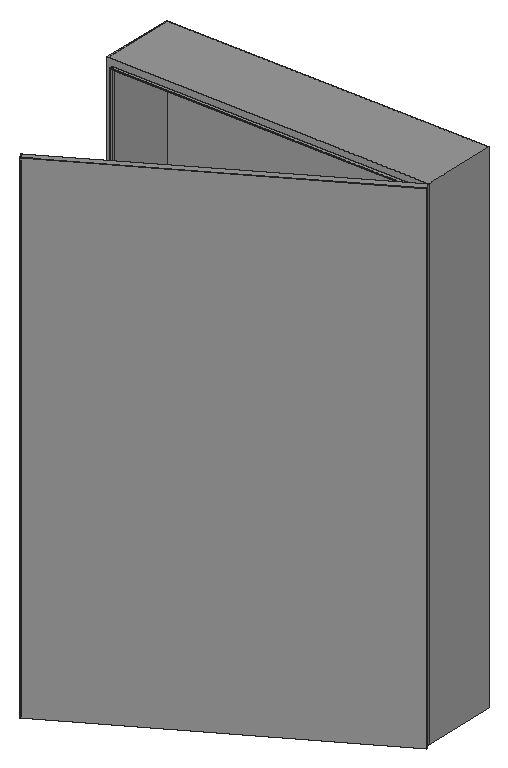
Revit family "Hager-Univers-IP44-D205-H1250-Cl.II-Encl-NoHosted-PL-en", category Equipement électrique, Revit 2020
Family settings
  Configuration du panneau = Deux colonnes, circuits au sein
  Cote de connecteur circulaire = Utiliser le diamètre
  Type d'élément = Tableau de raccordement
  Basée sur le plan de construction = Oui
  Toujours verticalement = Oui
  Couper avec des vides une fois chargée = Non
  Partagée = Non
  Point de calcul de pièce = Non
Parameters (values of type "Surface mounted (plaster) IP44 W800 H1250 D205  - FP83SN2")
  Width Control [instance] = if([EF000008 - Width] > Min Width, [EF000008 - Width], Min Width)  # 800 mm
  Commentaires du type = [HG000003 - Range]  # "Univers"
  Thickness Door [instance] = if([EF009171 - Material plate thickness door/cover] > 3 mm, 3 mm, [EF009171 - Material plate thickness door/cover])  # 1 mm
  Seal Frame Offset [instance] = 17 mm  # constant formula
  Plinth Visibility [instance] = [HG000027 - Plinth height] > 0 mm  # no
  Min Width [instance] = 100 mm  # constant formula
  Min Depth [instance] = (2 * [EF009170 - Material plate thickness cabinet]) + 1 mm  # 3 mm
  Min Height [instance] = 100 mm  # constant formula
  Internal Frame Depth [instance] = (Door System Depth * 0.5)  # 9 mm
  Panel Name [instance] = ""  # (empty or 0)
  Model = ""
  HG000027 - Plinth height = 0 mm
  HG000026 - Floor standing = no
  HG000024 - Bottom section height = 600 mm
  HG000023 - Double section enclosure = no
  HG000016 - Door 3d visibility [instance] = yes
  HG000015 - Clearance visibility [instance] = no
  HG000014 - Door on the right [instance] = yes
  HG000013 - Door on the left [instance] = not([HG000014 - Door on the right])  # no
  HG000012 - Door swing angle [instance] = 30.00°
  HG000010 - Asymmetric doors = no
  HG000009 - Double swing door = no
  HG000006 - Flush mounted = no
  HG000004 - Manufacturer reference = "FP83SN2"
  HG000003 - Range = "Univers"
  HG000002 - With door or cover = yes
  Frame Offset Bottom [instance] = 10 mm  # constant formula
  Frame Offset [instance] = 15 mm  # constant formula
  EF015940 - Cover with overpressure release = no
  EF011959 - Degree of protection (NEMA) = ""
  EF009554 - Number of openings for flange plates = 6
  EF009212 - Cover model = "EV000116 - Closed"
  EF009171 - Material plate thickness door/cover = 1 mm
  EF009170 - Material plate thickness cabinet = 1 mm
  EF008873 - Nominal current (In) = 250 A
  EF007800 - Suitable for lightning protection = no
  EF006306 - With lock = no
  EF006244 - Transparent cover/door = no
  EF005474 - Degree of protection (IP) = "EV006418 - IP44"
  EF004464 - Type of door = "EV002646 - Single"
  EF004427 - Number of modules = 288
  EF004293 - Impact strength = "EV006815 - IK09"
  EF003532 - Suitable for outdoor use = no
  EF002950 - Width in number of modular spacings = 36
  EF001613 - Circuit integrity = "EV000494 - None"
  EF001596 - Material housing = "EV000179 - Steel"
  EF001131 - Internal depth = 130 mm
  EF001088 - Extension possible = yes
  EF000437 - Number of conduit inlets = 6
  EF000339 - Type of cover = "EV004216 - Door"
  EF000266 - Number of rows = 8
  EF000218 - Built-in depth = 205 mm
  EF000118 - With mounting plate = no
  EF000116 - RAL-number = "9010"
  EF000049 - Depth = 205 mm
  EF000040 - Height = 1250 mm
  EF000008 - Width = 800 mm
  EF000007 - Colour = "EV000202 - White"
  EF000003 - Mounting method = "EV000384 - Surface mounted (plaster)"
  Door System Leaf Tolerance [instance] = 1.5 mm  # constant formula
  Door System Depth [instance] = 18 mm  # constant formula
  Door Height [instance] = Height Control - [HG000027 - Plinth height]  # 1250 mm
  Description = ""
  Default Elevation = 1219.2 mm
  Connector Offset [instance] = Height Control / 2  # 625 mm
  Fabricant = "Hager"  # constant formula
  Height Control [instance] = if([EF000040 - Height] > Min Height, [EF000040 - Height], Min Height)  # 1250 mm
  Depth Control [instance] = if([EF000049 - Depth] > Min Depth, [EF000049 - Depth], Min Depth)  # 205 mm
  Bottom Top Plate Trim [instance] = 1.5 mm  # constant formula
  Plinth height Ctrl [instance] = if([HG000027 - Plinth height] > 0 mm, [HG000027 - Plinth height], 12 mm)  # 12 mm
Types (5, lengths in mm): name | Width Control | HG000010 - Asymmetric doors | HG000009 - Double swing door | HG000004 - Manufacturer reference | EF009554 - Number of openings for flange plates | EF004464 - Type of door | EF004427 - Number of modules | EF002950 - Width in number of modular spacings | EF001131 - Internal depth | EF000437 - Number of conduit inlets | EF000339 - Type of cover | EF000008 - Width
  Surface mounted (plaster) IP44 W1050 H1250 D205  - FP84SN2 | 1050 | no | yes | "FP84SN2" | 8 | "EV003602 - Double" | 384 | 48 | 130 | 8 | "EV004216 - Door" | 1050
  Surface mounted (plaster) IP44 W1300 H1250 D205  - FP85SN2 | 1300 | yes | yes | "FP85SN2" | 10 | "EV003602 - Double" | 480 | 60 | 130 | 10 | "EV004216 - Door" | 1300
  Surface mounted (plaster) IP44 W300 H1250 D205  - FP81SN2 | 300 | no | no | "FP81SN2" | 2 | "EV002646 - Single" | 96 | 12 | 143 | 2 | "EV001012 - Cover" | 300
  Surface mounted (plaster) IP44 W550 H1250 D205  - FP82SN2 | 550 | no | no | "FP82SN2" | 4 | "EV002646 - Single" | 192 | 24 | 143 | 4 | "EV001012 - Cover" | 550
  Surface mounted (plaster) IP44 W800 H1250 D205  - FP83SN2 | 800 | no | no | "FP83SN2" | 6 | "EV002646 - Single" | 288 | 36 | 130 | 6 | "EV004216 - Door" | 800
Reference planes
  plane 1 "Center (Front/Back)": y = 0
  plane 2: z = 0
  plane 3 "Center (Left/Right)": x = 0
  plane 4: y = 0
  plane 5: y = 0
  plane 6: z = 0
  plane 7: x = -400
  plane 8: x = 400
  plane 9: x = 399
  plane 10: x = -399
  plane 11: z = 0
  plane 12: z = 1
  plane 13: y = -205
  plane 14: y = -1
  plane 15: x = 0
  plane 16: y = -187
  plane 17: y = -204
  plane 18: y = -186
  plane 19: x = -384
  plane 20: x = 384
  plane 21: z = 11
  plane 22: x = -383
  plane 23: x = 383
  plane 24: z = 0
  plane 25: z = 1250
  plane 26: z = 1250
  plane 27: z = 1234
  plane 28: z = 1249
Forms (mm)
  Extrusion 1, solid, material "Hager_Steel_RAL7035_Light_Grey", detail levels medium+fine
    sketch origin (-208.679, -4572, 0) x (-1, 0, 0) y (0, -1, 0)
      loop
        line (191.321, -4385) -> (-608.679, -4385) -> (-608.679, -4572) -> (191.321, -4572) -> (191.321, -4385)
    from 0 to 1250
  Extrusion 2, void
    sketch origin (-350.771, -205, 1219.2) x (1, 0, 0) y (0, 0, 1)
      loop
        line (-48.229, 29.8) -> (-48.229, -1218.2) -> (749.771, -1218.2) -> (749.771, 29.8) -> (-48.229, 29.8)
    from -19 to -204
  Extrusion 3, void
    sketch origin (-290.084, -187, 1219.2) x (1, 0, 0) y (0, 0, 1)
      loop
        line (-93.916, -1208.2) -> (674.084, -1208.2) -> (674.084, 14.8) -> (-93.916, 14.8) -> (-93.916, -1208.2)
    from 0 to -1
  Extrusion 4, solid, material "Hager_Steel_RAL7035_Light_Grey", visible <- "Plinth Visibility", detail levels medium+fine
    sketch origin (0, 0, 0) x (1, 0, 0) y (0, 1, 0)
      loop
        line (-400, 0) -> (-400, -187) -> (400, -187) -> (400, 0) -> (-400, 0)
    from 0 to 12 <- "Plinth height Ctrl"
  Extrusion 5, solid, material "Hager_Steel_RAL7035_Light_Grey", detail levels coarse
    sketch origin (0, 0, 0) x (1, 0, 0) y (0, 1, 0)
      loop
        line (-400, 0) -> (-400, -205) -> (400, -205) -> (400, 0) -> (-400, 0)
    from 0 to 1250 <- "Height Control"
  Sweep 6, void
    path in 3D
      loop
        line (-400, -187, 12) -> (400, -187, 12) -> (400, 0, 12) -> (-400, 0, 12) -> (-400, -187, 12)
    profile origin (-400, -93.5, 12) x (1, 0, 0) y (0, 0, 1)
      loop
        line (0, 0) -> (0, -1.5) -> (1.5, -1.5)
        arc (1.5, -1.5) -> (1.061, -0.439) -> (0, 0) r 1.5
  Extrusion 7, solid, material "Hager_Steel_RAL7035_Light_Grey", detail levels fine
    sketch origin (-400, -187, 0) x (1, 0, 0) y (0, 0, 1)
      loop
        line (16, 11) -> (784, 11) -> (784, 1234) -> (16, 1234) -> (16, 11)
      loop
        line (15, 10) -> (785, 10) -> (785, 1235) -> (15, 1235) -> (15, 10)
    from 0 to 9 <- "Internal Frame Depth"
Cuts and joins
  Extrusion 2, Extrusion 3 cuts Extrusion 1
  Sweep 6 cuts Extrusion 4
Lines and regions (mm)
  Masking region 1
    outline origin (0, 0, 0) x (1, 0, 0) y (0, 1, 0)
      loop
        line (-400, 0) -> (-400, -205) -> (400, -205) -> (400, 0) -> (-400, 0)
  Masking region 2, detail levels coarse
    outline origin (-290.084, -187, 1219.2) x (-1, 0, 0) y (0, 0, 1)
      loop
        line (-690.084, -1219.2) -> (109.916, -1219.2) -> (109.916, 30.8) -> (-690.084, 30.8) -> (-690.084, -1219.2)
  Masking region 3, detail levels coarse
    outline origin (0, 0, 0) x (0, 1, 0) y (0, 0, 1)
      loop
        line (0, 0) -> (0, 1250) -> (-205, 1250) -> (-205, 0) -> (0, 0)
  Masking region 4, visible <- "Plinth Visibility", detail levels medium+fine
    outline origin (0, 0, 0) x (0, 1, 0) y (0, 0, 1)
      loop
        line (-1.5, 12) -> (-185.5, 12)
        arc (-185.5, 12) -> (-185.939, 10.939) -> (-187, 10.5) r 1.5
        line (-187, 10.5) -> (-187, 0) -> (0, 0) -> (0, 10.5)
        arc (0, 10.5) -> (-1.061, 10.939) -> (-1.5, 12) r 1.5
  Masking region 5, detail levels medium+fine
    outline origin (0, 0, 594.038) x (0, 1, 0) y (0, 0, 1)
      loop
        line (0, -594.038) -> (0, 655.962) -> (-187, 655.962) -> (-187, -594.038) -> (0, -594.038)
  Masking region 6, detail levels medium+fine
    outline origin (-359.7, -187, 1211.883) x (-1, 0, 0) y (0, 0, 1)
      loop
        line (-759.7, -1211.883) -> (40.3, -1211.883) -> (40.3, 38.117) -> (-759.7, 38.117) -> (-759.7, -1211.883)
  Masking region 7, visible <- "Plinth Visibility", detail levels medium+fine
    outline origin (-320.334, -187, 1041.368) x (-1, 0, 0) y (0, 0, 1)
      loop
        line (-720.334, -1041.368) -> (79.666, -1041.368) -> (79.666, -1030.868)
        arc (79.666, -1030.868) -> (78.606, -1030.429) -> (78.166, -1029.368) r 1.5
        line (78.166, -1029.368) -> (-718.834, -1029.368)
        arc (-718.834, -1029.368) -> (-719.273, -1030.429) -> (-720.334, -1030.868) r 1.5
        line (-720.334, -1030.868) -> (-720.334, -1041.368)
  sketch lines
    curve 1: line (-400, 0, 12) -> (-400, -187, 12)
    curve 2: line (-400, -187, 12) -> (400, -187, 12)
    curve 3: line (400, 0, 12) -> (-400, 0, 12)
    curve 4: line (400, -187, 12) -> (400, 0, 12)
Dimensions and locks
  locked: plane 1 "Center (Front/Back)" to plane 5
  "EF009170 - Material plate thickness cabinet": plane 7 to plane 10
  "EF009170 - Material plate thickness cabinet": plane 8 to plane 9
  equal spacing: plane 7, plane 3 "Center (Left/Right)", plane 8
  "Width Control": plane 7 to plane 8
  "Depth Control": plane 4 to plane 13
  "EF009170 - Material plate thickness cabinet": plane 4 to plane 14
  "Height Control": plane 25 to level
  "HG000027 - Plinth height": plane 11 to level
  "EF009170 - Material plate thickness cabinet": plane 12 to plane 11
  "EF009170 - Material plate thickness cabinet": plane 17 to plane 13
  "EF009170 - Material plate thickness cabinet": plane 18 to plane 16
  "Frame Offset Bottom": plane 21 to plane 12
  "Frame Offset": plane 10 to plane 19
  "Frame Offset": plane 9 to plane 20
  "Door System Depth": plane 16 to plane 13
  "Seal Frame Offset": plane 7 to plane 22
  "Seal Frame Offset": plane 8 to plane 23
  "EF009170 - Material plate thickness cabinet": plane 26 to plane 28
  "Frame Offset": plane 28 to plane 27
  "Connector Offset": plane 2 to connector elem
  "Bottom Top Plate Trim": profile plane to Sweep 6 sketch curve
  "Bottom Top Plate Trim": Sweep 6 sketch curve to Sweep 6 sketch curve
  "Plinth height Ctrl": Masking region 4 sketch curve to level
  "Plinth height Ctrl": Masking region 7 sketch curve to level
  "Thickness Door": Extrusion 7 sketch curve to Extrusion 7 sketch curve  (x4)
  "Bottom Top Plate Trim": radius of Sweep 6 sketch curve
  "Bottom Top Plate Trim": radius of Masking region 4 sketch curve  (x2)
  "Bottom Top Plate Trim": radius of Masking region 7 sketch curve  (x2)
  aligned and locked: Extrusion 2 sketch curve to plane 12
  aligned and locked: Extrusion 2 sketch curve to plane 9
  aligned and locked: Extrusion 2 sketch curve to plane 10
  aligned and locked: Extrusion 2 to plane 14
  aligned and locked: Extrusion 1 sketch curve to plane 4
  aligned and locked: plane 8 to Extrusion 1 sketch curve
  aligned and locked: plane 7 to Extrusion 1 sketch curve
  aligned and locked: Extrusion 2 to plane 18
  aligned and locked: Extrusion 3 sketch curve to plane 19
  aligned and locked: plane 20 to Extrusion 3 sketch curve
  aligned and locked: Extrusion 3 to Extrusion 2
  aligned and locked: Extrusion 3 sketch curve to plane 21
  aligned and locked: plane 3 "Center (Left/Right)" to nested 1
  aligned and locked: Extrusion 1 sketch curve to plane 16
  aligned and locked: Extrusion 4 sketch curve to cut or joined group of Extrusion 1, Extrusion 2, Extrusion 3
  aligned and locked: Masking region 1 sketch curve to plane 7
  aligned and locked: Masking region 1 sketch curve to plane 5
  aligned and locked: Masking region 1 sketch curve to plane 8
  aligned and locked: Masking region 2 sketch curve to level
  aligned and locked: level to Masking region 3 sketch curve
  aligned and locked: plane 1 "Center (Front/Back)" to Masking region 3 sketch curve
  aligned and locked: plane 13 to Masking region 3 sketch curve
  aligned and locked: plane 5 to Masking region 4 sketch curve
  aligned and locked: Masking region 2 sketch curve to plane 8
  aligned and locked: Masking region 2 sketch curve to plane 7
  aligned and locked: plane 7 to nested 2
  aligned and locked: nested 2 to plane 5
  aligned and locked: plane 5 to Masking region 5 sketch curve
  aligned and locked: plane 26 to Masking region 5 sketch curve
  aligned and locked: Extrusion 5 sketch curve to plane 8
  aligned and locked: Extrusion 5 sketch curve to plane 7
  aligned and locked: Extrusion 5 sketch curve to plane 5
  aligned and locked: Extrusion 3 sketch curve to plane 27
  aligned and locked: Extrusion 2 sketch curve to plane 28
  aligned and locked: Masking region 2 to plane 25
  aligned and locked: Extrusion 4 to plane 16
  aligned and locked: profile plane to Sweep 6 sketch curve
  aligned and locked: Masking region 5 sketch curve to plane 24
  aligned and locked: level to Masking region 4 sketch curve
  aligned and locked: Masking region 1 to plane 13
  aligned and locked: nested 1 to plane 16
  aligned and locked: Masking region 3 to plane 25
  aligned and locked: plane 16 to Masking region 4 sketch curve
  aligned and locked: Masking region 5 sketch curve to plane 16
  aligned and locked: plane 24 to plane 11
  aligned and locked: plane 26 to plane 25
  aligned and locked: plane 26 to cut or joined group of Extrusion 1, Extrusion 2, Extrusion 3
  aligned and locked: nested 1 to plane 24
  aligned and locked: Extrusion 1 to Extrusion 3
  aligned and locked: Masking region 6 sketch curve to plane 8
  aligned and locked: Masking region 6 sketch curve to plane 24
  aligned and locked: Masking region 6 sketch curve to plane 7
  aligned and locked: Masking region 6 sketch curve to plane 26
  aligned and locked: Masking region 7 sketch curve to plane 7
  aligned and locked: level to Masking region 7 sketch curve
  aligned and locked: Masking region 7 sketch curve to plane 8
  aligned and locked: Extrusion 7 sketch curve to cut or joined group of Extrusion 1, Extrusion 2, Extrusion 3  (x4)
Automatic sketch dimensions
  plane 19 to Extrusion 3 sketch curve = 0 mm
  Extrusion 3 sketch curve to plane 20 = 0 mm
  Extrusion 3 sketch curve to plane 21 = 0 mm
  Extrusion 4 sketch curve to plane 7 = 0 mm
  Extrusion 4 sketch curve to plane 8 = 0 mm
  Extrusion 4 sketch curve to plane 16 = 0 mm
  Masking region 1 sketch curve to plane 13 = 0 mm
  Masking region 2 sketch curve to plane 25 = 0 mm
  Masking region 3 sketch curve to plane 25 = 0 mm
  Extrusion 5 sketch curve to plane 13 = 0 mm
  profile plane to Sweep 6 sketch curve = 0 mm
Nested families
  nested 1: "EC000058_Univers_Door" at (0, -187, 0), Double <- "HG000009 - Double swing door", Transparent <- "EF006244 - Transparent cover/door", Angle <- "HG000012 - Door swing angle", Door_Right <- "HG000014 - Door on the right", Assymetrical <- "HG000010 - Asymmetric doors", Door <- "HG000002 - With door or cover", Width_Ctrl <- "Width Control", 3d_Door <- "HG000016 - Door 3d visibility", Clearance <- "HG000015 - Clearance visibility", Door_Left <- "HG000013 - Door on the left", Width <- "Width Control", Door_Depth <- "Door System Depth", Leaf_Tolerance <- "Door System Leaf Tolerance", Height <- "Door Height", Lock_Visibility <- "EF006306 - With lock", Thickness <- "Thickness Door", type "EC000058_Univers_Door", detail levels medium+fine
    with min_wh 3 mm, Width_Ctrl 800 mm, Width 800 mm, Transparent no, Thickness 1 mm, Seal_Material Hager_Rubber, Lock_Visibility no, Lock_Material Hager_Plastic_RAL9005_Jet_Black, Leaf_Width 800 mm, Leaf_Tolerance_External_Sides 0 mm, Leaf_Tolerance 1.5 mm, Leaf_Offset 0 mm, Leaf_Height 1247 mm, Leaf_2_Width 800 mm, Leaf_2_Offset 400 mm, Leaf_1_Width 800 mm, Leaf_1_Offset 400 mm, Height_Ctrl 1250 mm, Height 1250 mm, Glass_Material Hager_Glass, Double_Clearance_Ctrl no, Double no, Door_Right_Ctrl yes, Door_Right yes, Door_Material Hager_Steel_RAL7035_Light_Grey, Door_Left_Ctrl no, Door_Left no, Door_Depth 18 mm, Door yes, Clearance_Material Hager_Clearance, Clearance_Depth 800 mm, Clearance_Ctrl no, Clearance no, Assymetrical no, Angle 30.00°, 3d_Door yes
  nested 2: "Hager_Enclosure_Symbol" at (-400, 0, 0), Height <- "Depth Control", Width <- "Width Control", type "Hager_Enclosure_Symbol"
    with Width_Ctrl 800 mm, Width 800 mm, Height_Ctrl 205 mm, Height 205 mm, A_Width_Int 13.453 mm, A_Width 161.438 mm, A_Height_Ctrl 179.375 mm, A_Height 179.375 mm
Connectors
  electrical at (0, 0, 625)
    settings: on plane 1 "Center (Front/Back)", index 1, voltage 0 V, apparent load 0 VA, apparent load phase1 0 VA, apparent load phase2 0 VA, apparent load phase3 0 VA, power factor 1, load classification "Other", number of poles 1, system type 30, power factor state 1, is connector primary yes, connector utility no, sub classification motor no, connector description ""
Definition of nested family "EC000058_Univers_Door"
  Parameters (values of type "EC000058_Univers_Door")
    min_wh [instance] = (2 * Thickness) + 1 mm  # 11 mm
    Width_Ctrl [instance] = 400 mm
    Width [instance] = 500 mm
    Transparent [instance] = yes
    Thickness [instance] = 5 mm
    Seal_Material [instance] = none
    Lock_Visibility [instance] = yes
    Lock_Material [instance] = none
    Leaf_Width [instance] = if((Width_Ctrl - 2 * Leaf_Tolerance_External_Sides) > 0 mm, (Width_Ctrl - 2 * Leaf_Tolerance_External_Sides), min_wh)  # 400 mm
    Leaf_Tolerance_External_Sides [instance] = 0 mm  # constant formula
    Leaf_Tolerance [instance] = 1.5 mm
    Leaf_Offset [instance] = 0 mm  # constant formula
    Leaf_Height [instance] = if((Height_Ctrl - 2 * Leaf_Tolerance) > 0 mm, (Height_Ctrl - 2 * Leaf_Tolerance), min_wh)  # 497 mm
    Leaf_2_Width [instance] = if(and(and(Double, Assymetrical), Door_Left), (Leaf_Width / 3) - (Leaf_Tolerance / 2), if(and(and(Double, Assymetrical), Door_Right), (Leaf_Width / 3) * 2 - (Leaf_Tolerance / 2), if(and(Double, not(Assymetrical)), (Leaf_Width / 2) - Leaf_Tolerance, Leaf_Width)))  # 400 mm
    Leaf_2_Offset [instance] = if(and(Double, Assymetrical), Leaf_2_Width / 2, if(and(Double, not(Assymetrical)), Leaf_Width / 4, Leaf_Width / 2))  # 200 mm
    Leaf_1_Width [instance] = if(and(and(Double, Assymetrical), Door_Right), (Leaf_Width / 3) - (Leaf_Tolerance / 2), if(and(and(Double, Assymetrical), Door_Left), (Width / 3) * 2 - (Leaf_Tolerance / 2), if(and(Double, not(Assymetrical)), (Leaf_Width / 2) - Leaf_Tolerance, Leaf_Width)))  # 400 mm
    Leaf_1_Offset [instance] = if(and(Double, Assymetrical), Leaf_1_Width / 2, if(and(Double, not(Assymetrical)), Leaf_Width / 4, Leaf_Width / 2))  # 200 mm
    Height_Ctrl [instance] = if(Height > min_wh, Height, min_wh)  # 500 mm
    Height [instance] = 500 mm
    Glass_Material [instance] = none
    Double_Clearance_Ctrl [instance] = and(Double, Clearance)  # no
    Double [instance] = no
    Door_Right_Ctrl [instance] = and(or(Door_Right, Double), Door)  # yes
    Door_Right [instance] = yes
    Door_Material [instance] = none
    Door_Left_Ctrl [instance] = and(or(Door_Left, Double), Door)  # no
    Door_Left [instance] = no
    Door_Depth [instance] = 30 mm
    Door [instance] = yes
    Default Elevation = 1219.2 mm
    Clearance_Material [instance] = none
    Clearance_Depth [instance] = if(Leaf_1_Width > Leaf_2_Width, Leaf_1_Width, Leaf_2_Width)  # 400 mm
    Clearance_Ctrl [instance] = and(not(Double), Clearance)  # yes
    Clearance [instance] = yes
    Assymetrical [instance] = yes
    Angle [instance] = 30.00°
    3d_Door [instance] = yes
  Reference planes
    plane 1 "Center (Front/Back)": y = 0
    plane 2 "Bottom": z = 0
    plane 3 "Center (Left/Right)": x = 0
    plane 4: z = 500
    plane 5: x = -200
    plane 6: x = 200
    plane 7: z = 500
    plane 8: x = -200
    plane 9: z = 0
    plane 10: x = 200
    plane 11: y = 0
    plane 12: z = 1.5
    plane 13: x = -600
    plane 14: y = -400
    plane 15: x = 600
    plane 16: x = 0
    plane 17: x = 0
    plane 18: x = -200
    plane 19: x = 200
    plane 20: z = 498.5
  Forms (mm)
    Extrusion 1, solid, material <- "Clearance_Material", visible <- "Double_Clearance_Ctrl"
      sketch origin (1200, 0, 0) x (1, 0, 0) y (0, 0, -1)
        loop
          line (-1800, -498.5) -> (-600, -498.5) -> (-600, 0) -> (-1800, 0) -> (-1800, -498.5)
      from 0 to -400
  Dimensions and locks
    equal spacing: plane 5, plane 3 "Center (Left/Right)", plane 6
    "Width_Ctrl": plane 5 to plane 6
    "Leaf_Offset": plane 5 to plane 8
    "Leaf_Offset": plane 6 to plane 10
    "Leaf_Offset": plane 9 to level
    "Leaf_Offset": plane 4 to plane 7
    "Height_Ctrl": plane 4 to level
    "Leaf_Tolerance": plane 12 to plane 9
    locked: plane 11 to plane 1 "Center (Front/Back)"
    "Leaf_1_Offset": plane 18 to plane 16
    "Leaf_2_Offset": plane 17 to plane 19
    "Leaf_1_Width": plane 13 to plane 8
    "Leaf_2_Width": plane 10 to plane 15
    "Clearance_Depth": plane 14 to plane 1 "Center (Front/Back)"
    "Leaf_Tolerance_External_Sides": plane 8 to plane 18
    "Leaf_Tolerance_External_Sides": plane 19 to plane 10
    "Leaf_Tolerance": plane 7 to plane 20
    aligned and locked: level to plane 2 "Bottom"
    aligned and locked: nested 1 to plane 16
    aligned and locked: nested 2 to plane 17
    aligned and locked: Extrusion 1 to plane 13
    aligned and locked: plane 15 to Extrusion 1
    aligned and locked: Extrusion 1 to plane 14
    aligned and locked: plane 12 to nested 1
    aligned and locked: nested 2 to plane 12
    aligned and locked: Extrusion 1 to plane 11
    aligned and locked: plane 20 to Extrusion 1
    aligned and locked: nested 2 to plane 11
    aligned and locked: nested 1 to plane 11
  Automatic sketch dimensions
    Extrusion 1 sketch curve to level = 0 mm
    plane 5 to Extrusion 1 sketch curve = 400 mm
    plane 6 to Extrusion 1 sketch curve = 400 mm
    Extrusion 1 sketch curve to plane 4 = 1.5 mm
  Nested families
    nested 1: "EC000058_Univers_Door_Leaf" at (0, 0, 1.5), Width <- "Leaf_1_Width", visible <- "Door_Left_Ctrl", Leaf_Height <- "Leaf_Height", Angle <- "Angle", 3d_Door <- "3d_Door", Transparent <- "Transparent", Clearance Material <- "Clearance_Material", Clearance <- "Clearance_Ctrl", Door_Material <- "Door_Material", Glass_Material <- "Glass_Material", Door_Depth <- "Door_Depth", Lock_Material <- "Lock_Material", Seal_Material <- "Seal_Material", Lock_Visibility <- "Lock_Visibility", Thickness <- "Thickness", type "EC000058_Univers_Door_Leaf"
      with Width 400 mm, Transparent_Glass_Offset 30 mm, Transparent_Ctrl yes, Transparent yes, Thickness 5 mm, Standard no, Seal_Material none, Seal_D2 8 mm, Seal_D1 1 mm, Offset_Internal_Frame 10 mm, Lock_Width 20 mm, Lock_Visibility_3d yes, Lock_Visibility yes, Lock_Thickness_3 3 mm, Lock_Thickness_2 1 mm, Lock_Thickness_1 3 mm, Lock_Radius_Offset_2 16 mm, Lock_Radius_Offset_1 15 mm, Lock_Radius_2 5 mm, Lock_Radius 6 mm, Lock_Offset 5 mm, Lock_Material none, Lock_Height 80 mm, Lock_Cover_Top_Offset_2d 17 mm, Lock_Cover_Height -65 mm, Leaf_Height 497 mm, Internal_Seal_Thickness 8 mm, Internal_Seal_Depth_2 4.5 mm, Internal_Frame_Depth 25 mm, Glass_Thickness -1 mm, Glass_Offset -2 mm, Glass_Material none, Door_Material none, Door_Depth 30 mm, Clearance Material none, Clearance yes, Angle_Ctrl 30.00°, Angle 30.00°, 3d_Door yes
    nested 2: "EC000058_Univers_Door_Leaf" at (0, 0, 1.5) x (-1, 0, 0) z (0, 0, 1), Width <- "Leaf_2_Width", visible <- "Door_Right_Ctrl", Leaf_Height <- "Leaf_Height", Angle <- "Angle", 3d_Door <- "3d_Door", Transparent <- "Transparent", Clearance Material <- "Clearance_Material", Clearance <- "Clearance_Ctrl", Door_Material <- "Door_Material", Glass_Material <- "Glass_Material", Door_Depth <- "Door_Depth", Lock_Material <- "Lock_Material", Seal_Material <- "Seal_Material", Lock_Visibility <- "Lock_Visibility", Thickness <- "Thickness", type "EC000058_Univers_Door_Leaf"
      with Width 400 mm, Transparent_Glass_Offset 30 mm, Transparent_Ctrl yes, Transparent yes, Thickness 5 mm, Standard no, Seal_Material none, Seal_D2 8 mm, Seal_D1 1 mm, Offset_Internal_Frame 10 mm, Lock_Width 20 mm, Lock_Visibility_3d yes, Lock_Visibility yes, Lock_Thickness_3 3 mm, Lock_Thickness_2 1 mm, Lock_Thickness_1 3 mm, Lock_Radius_Offset_2 16 mm, Lock_Radius_Offset_1 15 mm, Lock_Radius_2 5 mm, Lock_Radius 6 mm, Lock_Offset 5 mm, Lock_Material none, Lock_Height 80 mm, Lock_Cover_Top_Offset_2d 17 mm, Lock_Cover_Height -65 mm, Leaf_Height 497 mm, Internal_Seal_Thickness 8 mm, Internal_Seal_Depth_2 4.5 mm, Internal_Frame_Depth 25 mm, Glass_Thickness -1 mm, Glass_Offset -2 mm, Glass_Material none, Door_Material none, Door_Depth 30 mm, Clearance Material none, Clearance yes, Angle_Ctrl 30.00°, Angle 30.00°, 3d_Door yes
  Definition of nested family "EC000058_Univers_Door_Leaf"
    Parameters (values of type "EC000058_Univers_Door_Leaf")
      Width [instance] = 2000 mm
      Transparent_Glass_Offset [instance] = 30 mm
      Transparent_Ctrl [instance] = and(Transparent, [3d_Door])  # yes
      Transparent [instance] = yes
      Thickness [instance] = 5 mm
      Standard [instance] = and(not(Transparent), [3d_Door])  # no
      Seal_Material [instance] = none
      Seal_D2 [instance] = 8 mm  # constant formula
      Seal_D1 [instance] = 1 mm  # constant formula
      Offset_Internal_Frame [instance] = 10 mm  # constant formula
      Lock_Width [instance] = 20 mm  # constant formula
      Lock_Visibility_3d [instance] = and(Lock_Visibility, [3d_Door])  # yes
      Lock_Visibility [instance] = yes
      Lock_Thickness_3 [instance] = 3 mm  # constant formula
      Lock_Thickness_2 [instance] = 1 mm  # constant formula
      Lock_Thickness_1 [instance] = 3 mm  # constant formula
      Lock_Radius_Offset_2 [instance] = Lock_Radius_Offset_1 + 1 mm  # 16 mm
      Lock_Radius_Offset_1 [instance] = 15 mm  # constant formula
      Lock_Radius_2 [instance] = Lock_Radius - 1 mm  # 5 mm
      Lock_Radius [instance] = 6 mm  # constant formula
      Lock_Offset [instance] = 5 mm  # constant formula
      Lock_Material [instance] = none
      Lock_Height [instance] = 80 mm  # constant formula
      Lock_Cover_Top_Offset_2d [instance] = Lock_Radius_Offset_2 + 1 mm  # 17 mm
      Lock_Cover_Height [instance] = -(Lock_Height - Lock_Radius_Offset_1)  # -65 mm
      Leaf_Height [instance] = 2720.336 mm
      Internal_Seal_Thickness [instance] = 8 mm  # constant formula
      Internal_Seal_Depth_2 [instance] = 4.5 mm  # constant formula
      Internal_Frame_Depth [instance] = if(Door_Depth - Thickness > 5 mm, Door_Depth - Thickness, 5 mm)  # 25 mm
      Glass_Thickness [instance] = if(Thickness > 15 mm, Glass_Offset + 10 mm, -1 mm)  # -1 mm
      Glass_Offset [instance] = if(Thickness > 15 mm, -(Thickness + 10 mm) / 2, -2 mm)  # -2 mm
      Glass_Material [instance] = none
      Door_Material [instance] = none
      Door_Depth [instance] = 30 mm
      Default Elevation = 0 mm
      Clearance Material [instance] = none
      Clearance [instance] = yes
      Angle_Ctrl [instance] = if(Angle > 180.00°, 180.00°, Angle)  # 90.00°
      Angle [instance] = 90.00°
      3d_Door [instance] = yes
    Reference planes
      plane 1 "Center (Front/Back)": y = 0
      plane 2: z = 0
      plane 3 "Center (Left/Right)": x = 0
      plane 4: y = 2000
      plane 5: x = -1000
      plane 6: x = 1000
      plane 7: x = -3000
      plane 8: z = 2720.336
      plane 9: z = 30
      plane 10: z = 2690.336
      plane 11: x = 970
      plane 12: x = -970
      plane 13: y = -3
      plane 14: z = 107.833
      plane 15: y = -5
      plane 16: y = -223.314
      plane 17: x = -1000
      plane 18: z = 1360.168
      plane 19: y = 30
    Forms (mm)
      Extrusion 1, solid, material <- "Clearance Material", visible <- "Clearance"
        sketch origin (0, 0, 0) x (1, 0, 0) y (0, 0, 1)
          loop
            line (-3000, 2720.336) -> (-3000, 0) -> (1000, 0) -> (1000, 2720.336) -> (-3000, 2720.336)
        from 0 to -2000
      Extrusion 2, solid, material <- "Door_Material", visible <- "Standard", detail levels medium+fine
        sketch origin (-1000, 0, 0) x (0, 1, 0) y (-1, 0, 0)
          loop
            line (0, 30) -> (0, 25) -> (2000, 25) -> (2000, 30) -> (0, 30)
        from 0 to 2720.336 <- "Leaf_Height"
      Extrusion 3, solid, material <- "Door_Material", visible <- "Transparent_Ctrl", detail levels medium+fine
        sketch origin (-1000, 0, 0) x (0, 1, 0) y (-1, 0, 0)
          loop
            line (0, 25) -> (2000, 25) -> (2000, 30) -> (0, 30) -> (0, 25)
        from 0 to 2720.336 <- "Leaf_Height"
      Extrusion 4, void
        sketch origin (-1025, 2000, 0) x (0, 1, 0) y (0, 0, -1)
          loop
            line (-30, -2690.336) -> (-30, -30) -> (-1970, -30) -> (-1970, -2690.336) -> (-30, -2690.336)
        from 0 to 5 <- "Thickness"
      Sweep 5, solid, material <- "Seal_Material", visible <- "Transparent_Ctrl", detail levels fine
        path in 3D
          loop
            line (-1025, 30, 30) -> (-1025, 30, 2690.336) -> (-1025, 1970, 2690.336) -> (-1025, 1970, 30) -> (-1025, 30, 30)
        profile origin (-1025, 1000, 30) x (1, 0, 0) y (0, 0, 1)
          loop
            line (0, 0) -> (0, -8) -> (1, -8) -> (1, 0) -> (0, 0)
      Extrusion 6, solid, material <- "Glass_Material", visible <- "Transparent_Ctrl", detail levels medium+fine
        sketch origin (-1030, 0, 0) x (0, 1, 0) y (0, 0, -1)
          loop
            line (1970, -2690.336) -> (1970, -30) -> (30, -30) -> (30, -2690.336) -> (1970, -2690.336)
        from -2 <- "Glass_Offset" to -1 <- "Glass_Thickness"
      Extrusion 7, solid, material <- "Door_Material", visible <- "3d_Door", detail levels medium+fine
        sketch origin (-1025, 2000, 0) x (0, -1, 0) y (0, 0, -1)
          loop
            line (0, -2720.336) -> (2000, -2720.336) -> (2000, 0) -> (0, 0) -> (0, -2720.336)
          loop
            line (1995, -5) -> (5, -5) -> (5, -2715.336) -> (1995, -2715.336) -> (1995, -5)
        from 0 to 25 <- "Internal_Frame_Depth"
      Sweep 8, solid, material <- "Seal_Material", visible <- "Transparent_Ctrl", detail levels fine
        path in 3D
          loop
            line (-1025, 0, 0) -> (-1025, 2000, 0) -> (-1025, 2000, 2720.336) -> (-1025, 0, 2720.336) -> (-1025, 0, 0)
        profile origin (-1025, 0, 1360.168) x (1, 0, 0) y (0, 1, 0)
          loop
            line (0, 10) -> (2.975, 10)
            arc (2.975, 10) -> (4.053, 10.447) -> (4.5, 11.525) r 1.525
            line (4.5, 11.525) -> (4.5, 16.527)
            arc (4.5, 16.527) -> (4.069, 17.569) -> (3.027, 18) r 1.473
            line (3.027, 18) -> (0, 18) -> (0, 10)
      Extrusion 9, solid, material <- "Lock_Material", visible <- "Lock_Visibility_3d", detail levels fine
        sketch origin (-1030, 0, 0) x (0, 1, 0) y (0, 0, -1)
          loop
            arc (1993.5, -1400.168) -> (1994.561, -1399.729) -> (1995, -1398.668) r 1.5
            line (1995, -1398.668) -> (1995, -1320.168) -> (1975, -1320.168) -> (1975, -1398.668)
            arc (1975, -1398.668) -> (1975.439, -1399.729) -> (1976.5, -1400.168) r 1.5
            line (1976.5, -1400.168) -> (1993.5, -1400.168)
        from 3 <- "Lock_Thickness_1" to 0
      Blend 10, solid, material <- "Lock_Material", visible <- "Lock_Visibility_3d", detail levels fine
        base sketch origin (-1033, 0, 0) x (0, 1, 0) y (0, 0, -1)
          loop
            line (1975, -1320.168) -> (1975, -1398.668)
            arc (1975, -1398.668) -> (1975.439, -1399.729) -> (1976.5, -1400.168) r 1.5
            line (1976.5, -1400.168) -> (1993.5, -1400.168)
            arc (1993.5, -1400.168) -> (1994.561, -1399.729) -> (1995, -1398.668) r 1.5
            line (1995, -1398.668) -> (1995, -1320.168) -> (1975, -1320.168)
        top sketch origin (-1033, 0, 0) x (0, 1, 0) y (0, 0, -1)
          loop
            line (1976, -1320.168) -> (1976, -1398.668)
            arc (1976, -1398.668) -> (1976.146, -1399.022) -> (1976.5, -1399.168) r 0.5
            line (1976.5, -1399.168) -> (1993.5, -1399.168)
            arc (1993.5, -1399.168) -> (1993.854, -1399.022) -> (1994, -1398.668) r 0.5
            line (1994, -1398.668) -> (1994, -1320.168) -> (1976, -1320.168)
        from 0 to 1 <- "Lock_Thickness_2"
      Blend 11, solid, material <- "Lock_Material", visible <- "Lock_Visibility_3d", detail levels fine
        base sketch origin (-1034, 0, 0) x (0, 1, 0) y (0, 0, -1)
          loop
            line (1978, -1320.168) -> (1978, -1384.168)
            arc (1978, -1384.168) -> (1985, -1391.168) -> (1992, -1384.168) r 7
            line (1992, -1384.168) -> (1992, -1320.168) -> (1978, -1320.168)
        top sketch origin (-1034, 0, 0) x (0, 1, 0) y (0, 0, -1)
          loop
            line (1991, -1320.168) -> (1979, -1320.168) -> (1979, -1383.168)
            arc (1979, -1383.168) -> (1985, -1389.168) -> (1991, -1383.168) r 6
            line (1991, -1383.168) -> (1991, -1320.168)
        from 0 to 3 <- "Lock_Thickness_3"
      Extrusion 12, solid, material <- "Lock_Material", visible <- "Lock_Visibility_3d", detail levels fine
        sketch origin (-1030, 1975, 1320.168) x (1, 0, 0) y (0, -1, 0)
          loop
            line (-7, -19) -> (-7, -1) -> (0, -1) -> (0, 0) -> (-8, 0) -> (-8, -20) -> (0, -20) -> (0, -19) -> (-7, -19)
        from 0 to -65 <- "Lock_Cover_Height"
      Extrusion 13, void
        sketch origin (-1038, 1995, 1320.168) x (-1, 0, 0) y (0, 0, -1)
          loop
            line (-5, -65) -> (0, -65) -> (-5, -60) -> (-5, -65)
        from 0 to 20 <- "Lock_Width"
      Extrusion 14, void
        sketch origin (-1038, 1975, 1320.168) x (0, -1, 0) y (0, 0, -1)
          loop
            circle (-10, -15.995) r 6
          loop
            circle (-10, -15.995) r 5
        from 0 to 2
      Extrusion 15, solid, material <- "Lock_Material", visible <- "Lock_Visibility_3d", detail levels medium
        sketch origin (-1030, 0, 0) x (0, 1, 0) y (0, 0, -1)
          loop
            arc (1993.5, -1400.168) -> (1994.561, -1399.729) -> (1995, -1398.668) r 1.5
            line (1995, -1398.668) -> (1995, -1320.168) -> (1975, -1320.168) -> (1975, -1398.668)
            arc (1975, -1398.668) -> (1975.439, -1399.729) -> (1976.5, -1400.168) r 1.5
            line (1976.5, -1400.168) -> (1993.5, -1400.168)
        from 8 to 0
    Cuts and joins
      Extrusion 4 cuts Extrusion 3
      Extrusion 13, Extrusion 14 cuts Extrusion 9
      Extrusion 14 cuts Blend 11
      Extrusion 13, Extrusion 14 cuts Extrusion 12
      joined: Extrusion 9, Blend 10, Blend 11, Extrusion 12
      Extrusion 14 cuts Extrusion 15
    Lines and regions (mm)
      Masking region 1, visible <- "Lock_Visibility", detail levels fine
        outline origin (0, 0, 0) x (0, 1, 0) y (0, 0, 1)
          loop
            line (30, 1320.168) -> (33, 1320.168) -> (33, 1400.168) -> (30, 1400.168) -> (30, 1320.168)
      Masking region 2, visible <- "Lock_Visibility", detail levels fine
        outline origin (0, 3.143, 0) x (0, 1, 0) y (0, 0, 1)
          loop
            line (29.857, 1354.168) -> (30.857, 1354.168) -> (30.857, 1366.168) -> (29.857, 1366.168) -> (29.857, 1354.168)
      Masking region 3, detail levels medium+fine
        outline origin (0, 0, 0) x (0, 1, 0) y (0, 0, 1)
          loop
            line (0, 0) -> (30, 0) -> (30, 2720.336) -> (0, 2720.336) -> (0, 0)
      Masking region 4, detail levels medium+fine
        outline origin (0, 0, 0) x (1, 0, 0) y (0, 0, 1)
          loop
            line (-1000, 2720.336) -> (-1000, 0) -> (1000, 0) -> (1000, 2720.336) -> (-1000, 2720.336)
      Masking region 5, visible <- "Lock_Visibility", detail levels fine
        outline origin (-47.116, 0, 0) x (1, 0, 0) y (0, 0, 1)
          loop
            arc (1024.616, 1399.168) -> (1023.556, 1398.729) -> (1023.116, 1397.668) r 1.5
            line (1023.116, 1397.668) -> (1023.116, 1320.168) -> (1041.116, 1320.168) -> (1041.116, 1397.668)
            arc (1041.116, 1397.668) -> (1040.677, 1398.729) -> (1039.616, 1399.168) r 1.5
            line (1039.616, 1399.168) -> (1024.616, 1399.168)
      Masking region 6, visible <- "Lock_Visibility", detail levels medium+fine
        outline origin (-25, 0, 0) x (1, 0, 0) y (0, 0, 1)
          loop
            arc (1001.5, 1400.168) -> (1000.439, 1399.729) -> (1000, 1398.668) r 1.5
            line (1000, 1398.668) -> (1000, 1320.168) -> (1020, 1320.168) -> (1020, 1398.668)
            arc (1020, 1398.668) -> (1019.561, 1399.729) -> (1018.5, 1400.168) r 1.5
            line (1018.5, 1400.168) -> (1001.5, 1400.168)
      Masking region 7, visible <- "Lock_Visibility", detail levels fine
        outline origin (-73.735, 0, 0) x (1, 0, 0) y (0, 0, 1)
          loop
            line (1051.735, 1382.168) -> (1065.735, 1382.168) -> (1065.735, 1384.168)
            arc (1065.735, 1384.168) -> (1058.735, 1391.168) -> (1051.735, 1384.168) r 7
            line (1051.735, 1384.168) -> (1051.735, 1382.168)
      Masking region 8, visible <- "Lock_Visibility", detail levels fine
        outline origin (-73.735, 0, 0) x (1, 0, 0) y (0, 0, 1)
          loop
            line (1052.735, 1382.168) -> (1064.735, 1382.168) -> (1064.735, 1383.168)
            arc (1064.735, 1383.168) -> (1058.735, 1389.168) -> (1052.735, 1383.168) r 6
            line (1052.735, 1383.168) -> (1052.735, 1382.168)
      Masking region 9, visible <- "Lock_Visibility", detail levels fine
        outline origin (-25, 0, 0) x (1, 0, 0) y (0, 0, 1)
          loop
            line (1020, 1320.168) -> (1020, 1382.168) -> (1000, 1382.168) -> (1000, 1320.168) -> (1020, 1320.168)
      Masking region 10, detail levels medium+fine
        outline origin (0, 0, 0) x (1, 0, 0) y (0, 0, 1)
          loop
            circle (985, 1335.144) r 6
      Masking region 11, detail levels fine
        outline origin (0, 0, 0) x (1, 0, 0) y (0, 0, 1)
          loop
            circle (985, 1335.144) r 5
      Masking region 12, visible <- "Lock_Visibility", detail levels fine
        outline origin (0, 12.767, 0) x (0, 1, 0) y (0, 0, 1)
          loop
            line (20.233, 1320.168) -> (21.233, 1320.168) -> (21.233, 1399.168) -> (20.233, 1400.168) -> (20.233, 1320.168)
      Masking region 13, visible <- "Lock_Visibility", detail levels fine
        outline origin (0, 13.767, -10) x (0, 1, 0) y (0, 0, 1)
          loop
            line (20.233, 1330.168) -> (23.233, 1330.168) -> (23.233, 1399.168) -> (20.233, 1402.168) -> (20.233, 1330.168)
      Masking region 14, visible <- "Lock_Visibility", detail levels fine
        outline origin (0, 12.767, -10) x (0, 1, 0) y (0, 0, 1)
          loop
            line (20.233, 1330.168) -> (25.233, 1330.168) -> (25.233, 1399.305) -> (20.233, 1394.305) -> (20.233, 1330.168)
      Masking region 15, visible <- "Lock_Visibility", detail levels medium
        outline origin (0, 0, 0) x (0, 1, 0) y (0, 0, 1)
          loop
            line (30, 1320.168) -> (38, 1320.168) -> (38, 1400.168) -> (30, 1400.168) -> (30, 1320.168)
      Masking region 16, visible <- "Lock_Visibility", detail levels fine
        outline origin (-1000, 0, 0) x (0, 1, 0) y (-1, 0, 0)
          loop
            line (1975, 30) -> (1995, 30) -> (1995, 38) -> (1975, 38) -> (1975, 30)
          loop
            line (1979, 37) -> (1976, 37) -> (1976, 34) -> (1978, 34) -> (1979, 37)
          loop
            line (1994, 37) -> (1991, 37) -> (1992, 34) -> (1994, 34) -> (1994, 37)
      Masking region 17, visible <- "Lock_Visibility", detail levels medium
        outline origin (-1000, 0, 0) x (0, 1, 0) y (-1, 0, 0)
          loop
            line (1975, 30) -> (1995, 30) -> (1995, 38) -> (1975, 38) -> (1975, 30)
      symbolic lines
        curve 1: line (1000, 0, 0) -> (-3000, 0, 0)
        curve 2: arc (1000, 0, 0) -> (-1000, 2000, 0) -> (-3000, 0, 0) r 2000
        curve 4: line (-1030, 0, 0) -> (-1030, 2000, 0)
      reference lines
        curve 3: line (-1000, 0, 0) -> (-1000, 2000, 0)
      symbolic lines, detail levels medium+fine
        curve 5: line (-1030, 2000, 0) -> (-1025, 2000, 0)
        curve 7: line (-1025, 0, 0) -> (-1030, 0, 0)
        curve 8: line (-1025, 0, 0) -> (-1000, 0, 0)
        curve 9: line (-1000, 0, 0) -> (-1000, 2000, 0)
        curve 10: line (-1000, 2000, 0) -> (-1025, 2000, 0)
      symbolic lines, detail levels fine
        curve 6: line (-1025, 2000, 0) -> (-1025, 0, 0)
      sketch lines
        curve 11: line (-1025, 0, 2720.336) -> (-1025, 0, 0)
        curve 12: line (-1025, 2000, 0) -> (-1025, 0, 0)
        curve 13: line (-1025, 2000, 2720.336) -> (-1025, 2000, 0)
        curve 14: line (-1025, 0, 2720.336) -> (-1025, 2000, 2720.336)
        curve 15: line (-1025, 1970, 30) -> (-1025, 30, 30)
        curve 16: line (-1025, 30, 30) -> (-1025, 30, 2690.336)
        curve 17: line (-1025, 1970, 2690.336) -> (-1025, 1970, 30)
        curve 18: line (-1025, 30, 2690.336) -> (-1025, 1970, 2690.336)
      symbolic lines, visible <- "Transparent", detail levels medium+fine
        curve 19: line (-970, 0, 2690.336) -> (970, 0, 2690.336)
        curve 20: line (-970, 0, 30) -> (-970, 0, 2690.336)
        curve 21: line (970, 0, 30) -> (-970, 0, 30)
        curve 22: line (970, 0, 2690.336) -> (970, 0, 30)
    Dimensions and locks
      "Width": plane 1 "Center (Front/Back)" to plane 4
      equal spacing: plane 5, plane 3 "Center (Left/Right)", plane 6
      "Width": plane 5 to plane 6
      "Width": plane 7 to plane 5
      "Leaf_Height": plane 8 to level
      "Width": curve 5 to curve 3
      "Width": curve 3 to curve 3
      plane 8 to plane 10 = 30 mm
      plane 9 to level = 30 mm
      plane 12 to plane 5 = 30 mm
      plane 6 to plane 11 = 30 mm
      Extrusion 1 to Extrusion 4 sketch curve = 30 mm
      "Transparent_Glass_Offset": curve 3 to Extrusion 4 sketch curve
      "Transparent_Glass_Offset": Extrusion 4 sketch curve to cut or joined group of Extrusion 3, Extrusion 4  (x2)
      cut or joined group of Extrusion 3, Extrusion 4 to Extrusion 6 sketch curve = 30 mm
      "Transparent_Glass_Offset": cut or joined group of Extrusion 3, Extrusion 4 to Extrusion 4 sketch curve
      "Thickness": curve 6 to curve 4
      "Thickness": Extrusion 7 sketch curve to Extrusion 7 sketch curve  (x4)
      "Door_Depth": curve 4 to curve 3
      "Offset_Internal_Frame": profile plane to Sweep 8 sketch curve
      "Internal_Seal_Thickness": Sweep 8 sketch curve to Sweep 8 sketch curve
      "Internal_Seal_Depth_2": profile plane to Sweep 8 sketch curve
      "Seal_D1": profile plane to Sweep 5 sketch curve
      "Seal_D2": profile plane to Sweep 5 sketch curve
      "Thickness": Extrusion 2 sketch curve to Extrusion 2 sketch curve
      equal spacing: Extrusion 9 sketch curve, plane 18, Extrusion 9 sketch curve  (x2)
      equal spacing: Masking region 1 sketch curve, plane 18, Masking region 1 sketch curve
      "Lock_Height": Masking region 1 sketch curve to Masking region 1 sketch curve
      "Lock_Radius": Masking region 2 sketch curve to plane 18 to Masking region 2 sketch curve
      Masking region 2 sketch curve to Masking region 1 = 1 mm
      "Door_Depth": plane 19 to plane 1 "Center (Front/Back)"
      "Lock_Thickness_1": Masking region 1 sketch curve to plane 19
      "Lock_Width": Extrusion 9 sketch curve to Extrusion 9 sketch curve
      "Lock_Height": Extrusion 9 sketch curve to Extrusion 9 sketch curve
      "Lock_Offset": cut or joined group of Extrusion 3, Extrusion 4 to Extrusion 9 sketch curve
      equal spacing: plane 8, plane 18, level
      "Lock_Radius_Offset_1": Blend 11 sketch curve to Blend 10
      locked: Blend 10 to Blend 11 sketch curve at 2  (x2)
      locked: var sketch to Blend 11 sketch curve at 1  (x2)
      "Lock_Radius_Offset_2": Blend 11 sketch curve to Blend 10
      locked: Extrusion 12 sketch curve to Extrusion 12 sketch curve at 1  (x3)
      Masking region 6 sketch curve to Masking region 6 sketch curve = 80 mm
      "Lock_Height": Masking region 6 sketch curve to Masking region 6 sketch curve
      "Lock_Width": Masking region 6 sketch curve to Masking region 6 sketch curve
      locked: Masking region 6 to Masking region 5 sketch curve at 1  (x3)
      locked: Masking region 5 to Masking region 7 sketch curve at 2  (x2)
      "Lock_Radius_Offset_1": Masking region 5 to Masking region 7 sketch curve
      "Lock_Radius_Offset_2": Masking region 5 to Masking region 8 sketch curve
      locked: Masking region 7 to Masking region 8 sketch curve at 1  (x2)
      "Lock_Cover_Top_Offset_2d": Masking region 5 to Masking region 9 sketch curve
      equal spacing: Masking region 9, Masking region 10 sketch curve, Masking region 9
      equal spacing: Masking region 9, Masking region 11 sketch curve, Masking region 9
      Extrusion 15 sketch curve to Extrusion 15 sketch curve = 80 mm
      "Lock_Width": Extrusion 15 sketch curve to Extrusion 15 sketch curve
      "Lock_Height": Extrusion 15 sketch curve to Extrusion 15 sketch curve
      equal spacing: Extrusion 15 sketch curve, plane 18, Extrusion 15 sketch curve
      "Lock_Thickness_3": Masking region 13 sketch curve to Masking region 13 sketch curve
      "Lock_Height": Masking region 12 sketch curve to Masking region 12 sketch curve
      locked: Masking region 13 sketch curve to Masking region 1 at 8
      locked: Masking region 14 sketch curve to Masking region 13 at 1
      locked: Masking region 14 sketch curve to Masking region 1 at 10.863
      "Lock_Height": Masking region 15 sketch curve to Masking region 15 sketch curve
      "Lock_Offset": Extrusion 15 sketch curve to cut or joined group of Extrusion 3, Extrusion 4
      "Lock_Offset": plane 6 to Masking region 6 sketch curve
      radius of Sweep 8 sketch curve = 1.525 mm
      radius of Sweep 8 sketch curve = 1.473 mm
      radius of Extrusion 9 sketch curve = 1.5 mm  (x2)
      "Lock_Radius": radius of Extrusion 14 sketch curve
      "Lock_Radius_2": radius of Extrusion 14 sketch curve
      "Lock_Radius": radius of Masking region 10 sketch curve
      "Lock_Radius_2": radius of Masking region 11 sketch curve
      radius of Extrusion 15 sketch curve = 1.5 mm  (x2)
      "Angle_Ctrl": angle plane 1 "Center (Front/Back)" to curve 3
      locked: Masking region 12 sketch curve to Masking region 12 sketch curve (angle 45.00°)
      locked: Masking region 13 sketch curve to Masking region 13 sketch curve (angle 45.00°)
      locked: Masking region 14 sketch curve to Masking region 14 sketch curve (angle 45.00°)
      aligned and locked: level to plane 2
      aligned and locked: Extrusion 1 to curve 1
      aligned and locked: plane 6 to Extrusion 1
      aligned and locked: Extrusion 1 to plane 1 "Center (Front/Back)"
      aligned and locked: plane 4 to Extrusion 1
      aligned and locked: plane 8 to Extrusion 1
      aligned and locked: curve 7 to Extrusion 2 sketch curve
      aligned and locked: curve 5 to Extrusion 2 sketch curve
      aligned and locked: curve 7 to Extrusion 3 sketch curve
      aligned and locked: Extrusion 3 sketch curve to curve 4
      aligned and locked: Extrusion 3 sketch curve to curve 6
      aligned and locked: Extrusion 3 sketch curve to curve 5
      aligned and locked: curve 9 to curve 3
      aligned and locked: Extrusion 7 sketch curve to cut or joined group of Extrusion 3, Extrusion 4  (x4)
      aligned and locked: plane 17 to curve 3
      aligned and locked: plane 1 "Center (Front/Back)" to curve 3
      aligned and locked: plane 17 to plane 5
      aligned and locked: Sweep 8 sketch curve to profile plane
      aligned and locked: Sweep 5 sketch curve to profile plane  (x2)
      aligned and locked: Masking region 1 to Masking region 2 sketch curve
      aligned and locked: plane 19 to Masking region 1 sketch curve
      aligned and locked: plane 1 "Center (Front/Back)" to Masking region 3 sketch curve
      aligned and locked: plane 19 to Masking region 3 sketch curve
      aligned and locked: level to Masking region 3 sketch curve
      aligned and locked: Masking region 3 sketch curve to plane 8
      aligned and locked: plane 17 to Masking region 4 sketch curve
      aligned and locked: level to Masking region 4 sketch curve
      aligned and locked: Masking region 4 sketch curve to plane 8
      aligned and locked: plane 12 to curve 20
      aligned and locked: plane 10 to curve 19
      aligned and locked: plane 11 to curve 22
      aligned and locked: curve 21 to plane 9
      aligned and locked: Extrusion 2 sketch curve to cut or joined group of Extrusion 3, Extrusion 4
      aligned and locked: Blend 10 sketch curve to Extrusion 9  (x4)
      aligned and locked: Extrusion 9 to Blend 10 sketch curve
      aligned and locked: Blend 10 to Blend 11 sketch curve
      aligned and locked: Extrusion 12 sketch curve to Blend 11
      aligned and locked: Extrusion 12 sketch curve to Extrusion 9  (x4)
      aligned and locked: Masking region 5 sketch curve to Masking region 6
      aligned and locked: Masking region 9 sketch curve to Masking region 6  (x3)
      aligned and locked: Masking region 12 sketch curve to Masking region 1
      aligned and locked: Masking region 13 sketch curve to Masking region 1
      aligned and locked: Masking region 12 to Masking region 14
      aligned and locked: Masking region 14 sketch curve to Masking region 1
      aligned and locked: Masking region 15 sketch curve to Masking region 14
      aligned and locked: Masking region 13 sketch curve to Masking region 12
      aligned and locked: Masking region 16 sketch curve to cut or joined group of Extrusion 14, Extrusion 15  (x4)
      aligned and locked: Masking region 16 sketch curve to cut or joined group of Extrusion 9, Blend 10, Blend 11, Extrusion 12, Extrusion 13, Extrusion 14  (x6)
      aligned and locked: cut or joined group of Extrusion 9, Blend 10, Blend 11, Extrusion 12, Extrusion 13, Extrusion 14 to Masking region 16 sketch curve
      aligned and locked: Masking region 17 sketch curve to cut or joined group of Extrusion 14, Extrusion 15  (x3)
      aligned and locked: Masking region 17 sketch curve to cut or joined group of Extrusion 9, Blend 10, Blend 11, Extrusion 12, Extrusion 13, Extrusion 14
      aligned and locked: Masking region 9 to Masking region 8 sketch curve
      aligned and locked: Masking region 9 to Masking region 7 sketch curve
    Automatic sketch dimensions
      plane 1 "Center (Front/Back)" to curve 2 = 0 mm
      curve 2 to plane 5 = 0 mm
      Extrusion 1 sketch curve to level = 0 mm
      Extrusion 1 sketch curve to plane 7 = 0 mm
      Extrusion 1 sketch curve to plane 6 = 0 mm
      Extrusion 1 sketch curve to plane 8 = 0 mm
      Extrusion 3 to Extrusion 6 sketch curve = 30 mm  (x4)
      Masking region 4 sketch curve to plane 6 = 0 mm
      Blend 10 sketch curve to Extrusion 9 = 1.5 mm
      Blend 10 sketch curve to Extrusion 9 = 1 mm
      Extrusion 13 sketch curve to Extrusion 12 = 0 mm  (x2)
      Extrusion 12 to Extrusion 13 sketch curve = 3 mm
      Extrusion 13 sketch curve to Extrusion 12 = 5 mm
      Extrusion 14 sketch curve to Extrusion 14 sketch curve = 0 mm  (x2)
      Extrusion 14 sketch curve to Extrusion 12 = 10 mm
      Extrusion 14 sketch curve to Extrusion 12 = 15.995 mm
      Masking region 5 sketch curve to Masking region 5 sketch curve = 1.5 mm  (x2)
      Masking region 10 sketch curve to plane 18 = 25.024 mm
      Masking region 11 sketch curve to plane 18 = 25.024 mm
      plane 19 to Masking region 14 sketch curve = 3 mm
      Masking region 16 sketch curve to Masking region 16 sketch curve = 3 mm
      curve 4 to curve 3 = 0 mm
      Blend 10 to Blend 11 sketch curve = 0 mm
      Masking region 6 sketch curve to Masking region 6 sketch curve = 1.5 mm  (x2)
      Masking region 6 sketch curve to plane 18 = 40 mm
      plane 19 to Masking region 12 sketch curve = 3 mm
      Masking region 12 sketch curve to Masking region 12 sketch curve = 1 mm
      Masking region 15 sketch curve to plane 19 = 0 mm
      Masking region 15 sketch curve to plane 18 = 40 mm
      radius of Blend 10 sketch curve to Extrusion 9 = 1 mm
Definition of nested family "Hager_Enclosure_Symbol"
  Parameters (values of type "Hager_Enclosure_Symbol")
    Width_Ctrl [instance] = if(Width > 1 mm, Width, 1 mm)  # 102.27 mm
    Width [instance] = 102.27 mm
    Height_Ctrl [instance] = if(Height > 1 mm, Height, 1 mm)  # 66.5 mm
    A_Width_Int [instance] = if(A_Width / 12 > 2 mm, A_Width / 12, 2 mm)  # 4.364 mm
    A_Width [instance] = if(A_Height_Ctrl * 0.9 > 2 mm, A_Height_Ctrl * 0.9, 2 mm)  # 52.369 mm
    A_Height_Ctrl [instance] = if(A_Height > 2 mm, A_Height, 2 mm)  # 58.188 mm
    Height [instance] = 66.5 mm
    A_Height [instance] = Height - (Height / 8)  # 58.188 mm
  Reference planes
    plane 1 "Centre (avant/arrière)": y = 0
    plane 2: z = 0
    plane 3 "Centre (gauche/droite)": x = 0
    plane 4: x = 52.369
    plane 5: y = 33.042
    plane 6: y = 41.77
    plane 7: y = 66.5
    plane 8: x = 26.184
    plane 9: y = 37.406
    plane 10: x = 102.27
    plane 11: y = 66.5
    plane 12: y = 8.313
  Lines and regions (mm)
    Filled region 1, type "Solid_Black", in view "Niveau de réf."
      outline origin (0, 0, 0) x (1, 0, 0) y (0, 1, 0)
        loop
          line (52.369, 66.5) -> (33.188, 54.536) -> (45.365, 45.006) -> (52.369, 66.5)
    Filled region 2, type "Solid_Black", in view "Niveau de réf."
      outline origin (0, 0, 0) x (1, 0, 0) y (0, 1, 0)
        loop
          line (0, 0) -> (102.27, 0) -> (102.27, 66.5) -> (0, 0)
    detail lines, in view "Niveau de réf."
      curve 1: line (0, 8.313, 0) -> (26.184, 41.77, 0)
      curve 2: line (26.184, 41.77, 0) -> (26.184, 33.042, 0)
      curve 3: line (26.184, 33.042, 0) -> (52.369, 66.5, 0)
  Dimensions and locks
    "A_Width": plane 3 "Centre (gauche/droite)" to plane 4
    equal spacing: plane 3 "Centre (gauche/droite)", plane 8, plane 4
    equal spacing: plane 6, plane 9, plane 5
    equal spacing: curve 3, Filled region 1 sketch curve, Filled region 1 sketch curve
    "Height_Ctrl": plane 1 "Centre (avant/arrière)" to plane 11
    "A_Height_Ctrl": plane 11 to plane 12
    equal spacing: plane 11, plane 9, plane 12
    "A_Width_Int": plane 6 to plane 9
    "Width_Ctrl": plane 3 "Centre (gauche/droite)" to plane 10
    angle Filled region 1 sketch curve to curve 3 = 20.00°
    angle curve 3 to Filled region 1 sketch curve = 20.00°
    locked: curve 3 to Filled region 1 sketch curve (angle 90.00°)
    aligned and locked: plane 10 to Filled region 2
    aligned and locked: plane 11 to Filled region 2 sketch curve
    aligned and locked: plane 10 to Filled region 2 sketch curve
    aligned and locked: plane 3 "Centre (gauche/droite)" to curve 1
    aligned and locked: plane 12 to curve 1
    aligned and locked: plane 7 to plane 11
  Automatic sketch dimensions
    Filled region 1 sketch curve to plane 4 = 0 mm
    Filled region 1 sketch curve to plane 7 = 0 mm
    plane 1 "Centre (avant/arrière)" to Filled region 2 sketch curve = 0 mm
    Filled region 2 sketch curve to plane 3 "Centre (gauche/droite)" = 0 mm
    curve 2 to plane 6 = 0 mm
    curve 2 to plane 8 = 0 mm
    curve 3 to plane 4 = 0 mm
    curve 2 to plane 5 = 0 mm
    curve 3 to plane 7 = 0 mm
